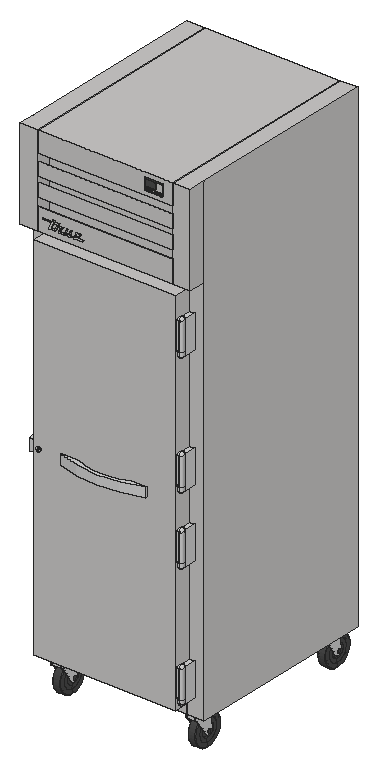
Revit family "QF_TRUE_STG1R-1S-HC", category Specialty Equipment, Revit 2012
Parameters
  Weight in Pounds = 0
  Watts = Volts * FL Amps  # 437 W
  Volts = 115 V
  URL Cutsheet = "www.truemfg.com"
  URL = "www.truemfg.com"
  Type Mark [instance] = "1"
  Type Comments = "www.truemfg.com"
  Status [instance] = ""
  Specification by User [instance] = ""
  Specification by Manufacturer = ""
  Show Seismic Flanged [instance] = no
  Show Logo [instance] = yes
  Show Legs [instance] = no
  Show Clearance [instance] = yes
  Serial Number = ""
  Seismic Rating = ""
  Seismic Plate [instance] = and(Show Seismic Flanged, not(Show Casters))  # no
  SMACNA No = ""
  Revision Code [instance] = ""
  Phase = 1
  Omniclass Number and Title = ""
  Number of Poles [instance] = 1
  NAFEM Spec ID Number = ""
  Model = "STG1R-1S-HC"
  Min Ckt Ampacity = 0 A
  Max Overcurrent Protection = 0 A
  Masterspec = ""
  Manufacturer = "TRUE FOOD SERVICE EQUIPMENT, INC."
  Length = 27 1/2"
  Legs [instance] = or(Show Legs, Show Seismic Flanged)  # no
  Item Number [instance] = ""
  Installed By [instance] = ""
  Identify Quantity as Lot [instance] = yes
  Height = 77 3/4"
  HP = "1/4"
  Furnished By [instance] = ""
  Foodservice Equipment Identifier [instance] = yes
  FL Amps = 3.8 A
  Electrical Remarks [instance] = ""
  Electric Connection Type [instance] = ""
  Elec Conn RI Height [instance] = 0"
  Elec Conn Connection Height [instance] = 0"
  Description = "REACH-IN SOLID SWING DOOR REFRIGERATORS WITH HYDROCARBON REFRIGERANT WITH LED LIGHTING"
  Depth = 33 3/4"
  Cycle = 60 Hz
  Conn Plug = "5-15P"
  Conn Conduit = yes
  Show Casters [instance] = and(not(if(Show Legs, Show Legs, Show Legs)), not(if(Show Legs, Show Legs, Show Seismic Flanged)))  # yes
  CSI MasterFormat = ""
  CSI Master Format = ""
  Apparent Power = if(Phase = 3, Volts * FL Amps * 1.73, Volts * FL Amps)  # 437 VA
Reference planes (in)
  plane 1 "BACK": y = 0
  plane 2: z = 0
  plane 3 "LEFT": x = 0
  plane 4 "RIGHT": x = 27.5
  plane 5 "FRONT": y = -33.75
  plane 6 "TOP": z = 84.125
  plane 7: z = 6.125
  plane 8: x = 2.84375
  plane 9: y = -33.7042
  plane 10: y = -35.21875
  plane 11: y = -56.78125
Forms (in)
  Extrusion 1, solid, material "QF_Finishes_Stainless Steel"
    sketch origin (0.05, 0, 0) x (1, 0, 0) y (0, 1, 0)
      loop
        line (-0.05, 0) -> (-0.05, -31) -> (2.87859, -31) -> (2.87859, 0) -> (-0.05, 0)
    from 6.125 to 84.125
  Extrusion 2, solid, material "QF_Finishes_Stainless Steel"
    sketch origin (50.15, 0, 0) x (1, 0, 0) y (0, 1, 0)
      loop
        line (-25.44375, 0) -> (-25.44375, -31) -> (-22.65, -31) -> (-22.65, 0) -> (-25.44375, 0)
    from 6.125 to 84.125
  Extrusion 3, solid, material "QF_Finishes_Stainless Steel"
    sketch origin (0, 0, 0) x (0, 1, 0) y (0, 0, 1)
      loop
        line (-33.7042, 69.5) -> (-31, 69.5) -> (-31, 6.125) -> (0, 6.125) -> (0, 84.125) -> (-33.7042, 84.125) -> (-33.7042, 80.78078) -> (-31.5, 79.21352) -> (-31.5, 78.09125) -> (-33.7042, 79.65851) -> (-33.7042, 77.5248) -> (-31.5, 75.95754) -> (-31.5, 74.99678) -> (-33.7042, 76.56404) -> (-33.7042, 74.46784) -> (-31.5, 72.90057) -> (-31.5, 71.625) -> (-33.7042, 73.19226) -> (-33.7042, 69.5)
    from 2.92859 to 24.70625
  Extrusion 4, solid, material "QF_Finishes_Stainless Steel"
    sketch origin (0, 0, 0) x (1, 0, 0) y (0, 1, 0)
      loop
        line (27.45312, -31) -> (24.70625, -31) -> (24.70625, -33.75) -> (27.45312, -33.75) -> (27.45312, -31)
    from 69.5 to 84.125
  Extrusion 5, solid, material "QF_Finishes_Stainless Steel"
    sketch origin (-50.125, 0, 0.25) x (1, 0, 0) y (0, 1, 0)
      loop
        line (53.05359, -31) -> (50.17188, -31) -> (50.17188, -33.75) -> (53.05359, -33.75) -> (53.05359, -31)
    from 69.25 to 83.875
  Extrusion 6, solid, material "QF_Finishes_Stainless Steel"
    sketch origin (-24.96875, 0, -0.71875) x (1, 0, 0) y (0, 0, 1)
      loop
        line (27.15625, 8.75) -> (50.09375, 8.75) -> (50.09375, 68.6875) -> (27.15625, 68.6875) -> (27.15625, 8.75)
    from 31 to 33.75
  Extrusion 7, solid, material "QF_Finishes_Handrails and Railings"
    sketch origin (60.73125, -0.25, 26.37269) x (1, 0, 0) y (0, 1, 0)
      loop
        line (-53.875, -33.5) -> (-53.875, -33.7)
        arc (-53.875, -33.7) -> (-47.075, -34.96876) -> (-40.275, -33.7) r 18.85688
        line (-40.275, -33.7) -> (-40.275, -33.5) -> (-42.675, -33.5)
        arc (-42.675, -33.5) -> (-47.075, -34.5273) -> (-51.475, -33.5) r 9.93637
        line (-51.475, -33.5) -> (-53.875, -33.5)
    from 10.87731 to 12.37731
  Extrusion 8, solid, material "QF_Finishes_Handrails and Railings"
    sketch origin (-23.375, 0, -2) x (1, 0, 0) y (0, 0, 1)
      loop
        circle (26.4375, 40.0625) r 0.35
      loop
        line (26.47265, 40.33635) -> (26.41715, 40.33635) -> (26.41715, 39.76895) -> (26.47265, 39.76895) -> (26.47265, 40.33635)
    from 33.5 to 33.83066
  Extrusion 9, solid, material "QF_Finishes_Handrails and Railings", visible <- "Show Logo"
    sketch origin (0.33478, 1.08173, -6.73143) x (1, 0, 0) y (0, 0, 1)
      loop
        line (3.46044, 78.46231) -> (3.35478, 78.23573) -> (4.76027, 78.23573)
        arc (4.76027, 78.23573) -> (4.78879, 78.18528) -> (4.76027, 78.13484) r 0.05887
        line (4.76027, 78.13484) -> (4.39369, 77.34872)
        arc (4.39369, 77.34872) -> (4.39051, 77.27591) -> (4.43975, 77.22217) r 0.09523
        line (4.43975, 77.22217) -> (5.33844, 77.22217)
        arc (5.33844, 77.22217) -> (5.45192, 77.25795) -> (5.52436, 77.35235) r 0.19785
        line (5.52436, 77.35235) -> (5.81285, 77.97101) -> (6.0779, 77.97101)
        arc (6.0779, 77.97101) -> (6.14744, 77.94543) -> (6.13737, 77.87203) r 0.05911
        line (6.13737, 77.87203) -> (5.89598, 77.35437)
        arc (5.89598, 77.35437) -> (5.89974, 77.2684) -> (5.97231, 77.22217) r 0.09318
        line (5.97231, 77.22217) -> (6.76198, 77.22217)
        arc (6.76198, 77.22217) -> (6.82249, 77.24419) -> (6.85468, 77.29995) r 0.09412
        arc (6.85468, 77.29995) -> (6.87746, 77.24495) -> (6.93246, 77.22217) r 0.07778
        line (6.93246, 77.22217) -> (7.43246, 77.22217)
        arc (7.43246, 77.22217) -> (7.49022, 77.23765) -> (7.53251, 77.27993) r 0.11552
        arc (7.53251, 77.27993) -> (7.55275, 77.23106) -> (7.60162, 77.21081) r 0.06912
        line (7.60162, 77.21081) -> (8.31225, 77.21081)
        arc (8.31225, 77.21081) -> (8.37034, 77.23488) -> (8.39441, 77.29297) r 0.08216
        arc (8.39441, 77.29297) -> (8.44767, 77.23972) -> (8.52042, 77.22022) r 0.14551
        line (8.52042, 77.22022) -> (9.85158, 77.22022) -> (9.99946, 77.47634) -> (8.65678, 77.47634)
        arc (8.65678, 77.47634) -> (8.61972, 77.50204) -> (8.61834, 77.54711) r 0.05009
        line (8.61834, 77.54711) -> (8.64157, 77.59692)
        arc (8.64157, 77.59692) -> (8.67723, 77.64364) -> (8.73327, 77.66135) r 0.09747
        line (8.73327, 77.66135) -> (9.16485, 77.66135)
        arc (9.16485, 77.66135) -> (9.258, 77.68631) -> (9.32619, 77.7545) r 0.1863
        line (9.32619, 77.7545) -> (9.45119, 77.97101)
        arc (9.45119, 77.97101) -> (9.45119, 78.08657) -> (9.35111, 78.14434) r 0.11556
        line (9.35111, 78.14434) -> (8.89562, 78.14434)
        arc (8.89562, 78.14434) -> (8.7795, 78.12462) -> (8.69849, 78.03912) r 0.18605
        line (8.69849, 78.03912) -> (8.48204, 77.57493)
        arc (8.48204, 77.57493) -> (8.41815, 77.49167) -> (8.31806, 77.46011) r 0.1745
        line (8.31806, 77.46011) -> (7.84559, 77.46011)
        arc (7.84559, 77.46011) -> (7.78903, 77.52184) -> (7.79268, 77.60548) r 0.10939
        line (7.79268, 77.60548) -> (8.04395, 78.14434) -> (7.88403, 78.14434) -> (7.61781, 77.57344)
        arc (7.61781, 77.57344) -> (7.56609, 77.50603) -> (7.48505, 77.48048) r 0.14128
        line (7.48505, 77.48048) -> (7.15925, 77.48048)
        arc (7.15925, 77.48048) -> (7.10419, 77.55223) -> (7.116, 77.64189) r 0.11816
        line (7.116, 77.64189) -> (7.3503, 78.14434) -> (7.18514, 78.14434) -> (6.91546, 77.566)
        arc (6.91546, 77.566) -> (6.85285, 77.50339) -> (6.76733, 77.48048) r 0.17104
        line (6.76733, 77.48048) -> (6.29555, 77.48048)
        arc (6.29555, 77.48048) -> (6.21082, 77.51999) -> (6.20267, 77.61313) r 0.0935
        line (6.20267, 77.61313) -> (6.35774, 77.94569) -> (6.57695, 77.94569)
        arc (6.57695, 77.94569) -> (6.61395, 78.05717) -> (6.69267, 78.14434) r 0.2857
        line (6.69267, 78.14434) -> (5.83605, 78.14434)
        arc (5.83605, 78.14434) -> (5.74086, 78.12324) -> (5.67498, 78.05135) r 0.16212
        line (5.67498, 78.05135) -> (5.44279, 77.55341)
        arc (5.44279, 77.55341) -> (5.3894, 77.50002) -> (5.31647, 77.48048) r 0.14586
        line (5.31647, 77.48048) -> (4.80506, 77.48048)
        arc (4.80506, 77.48048) -> (4.76514, 77.53442) -> (4.77274, 77.60109) r 0.09155
        line (4.77274, 77.60109) -> (5.11018, 78.23573) -> (5.96155, 78.23573) -> (6.06721, 78.46231) -> (5.21584, 78.46231) -> (5.32149, 78.68888) -> (5.01862, 78.68888) -> (4.91297, 78.46231) -> (3.46044, 78.46231)
      loop
        arc (8.83805, 77.93863) -> (8.80119, 77.92875) -> (8.7742, 77.90176) r 0.07373
        line (8.7742, 77.90176) -> (8.75229, 77.83436)
        arc (8.75229, 77.83436) -> (8.76245, 77.80983) -> (8.78699, 77.79966) r 0.0347
        line (8.78699, 77.79966) -> (9.15948, 77.79966)
        arc (9.15948, 77.79966) -> (9.18632, 77.80561) -> (9.20812, 77.82234) r 0.0635
        line (9.20812, 77.82234) -> (9.22624, 77.90622)
        arc (9.22624, 77.90622) -> (9.22091, 77.92868) -> (9.20009, 77.93863) r 0.02676
        line (9.20009, 77.93863) -> (8.83805, 77.93863)
    from 34.76797 to 34.83173
  Extrusion 10, solid, material "QF_Finishes_White"
    sketch origin (-23.16691, 1.06376, 1.58022) x (1, 0, 0) y (0, 0, 1)
      loop
        line (43.31732, 81.73227) -> (43.31732, 79.98496) -> (46.22357, 79.98496) -> (46.22357, 81.73227) -> (43.31732, 81.73227)
    from 34.75 to 34.76797
  Extrusion 11, solid, material "QF_Finishes_Black"
    sketch origin (-23.16691, 1.06376, 1.58022) x (1, 0, 0) y (0, 0, 1)
      loop
        line (46.28607, 81.79477) -> (43.25482, 81.79477) -> (43.25482, 79.92246) -> (46.28607, 79.92246) -> (46.28607, 81.79477)
      loop
        spline (43.45482, 80.25372) -> (43.46333, 80.23754) -> (43.48831, 80.22247) -> (43.52804, 80.20952) -> (43.57982, 80.19959) -> (43.64011, 80.19335) -> (43.70482, 80.19122) -> (43.76952, 80.19335) -> (43.82982, 80.19959) -> (43.88159, 80.20952) -> (43.92132, 80.22247) -> (43.9463, 80.23754) -> (43.95482, 80.25372)
        spline (43.95482, 80.25372) -> (43.9463, 80.26989) -> (43.92132, 80.28497) -> (43.88159, 80.29791) -> (43.82982, 80.30784) -> (43.76952, 80.31409) -> (43.70482, 80.31622) -> (43.64011, 80.31409) -> (43.57982, 80.30784) -> (43.52804, 80.29791) -> (43.48831, 80.28497) -> (43.46333, 80.26989) -> (43.45482, 80.25372)
      loop
        spline (44.15083, 80.25372) -> (44.15935, 80.23754) -> (44.18432, 80.22247) -> (44.22405, 80.20952) -> (44.27583, 80.19959) -> (44.33612, 80.19335) -> (44.40083, 80.19122) -> (44.46553, 80.19335) -> (44.52583, 80.19959) -> (44.57761, 80.20952) -> (44.61734, 80.22247) -> (44.64231, 80.23754) -> (44.65083, 80.25372)
        spline (44.65083, 80.25372) -> (44.64231, 80.26989) -> (44.61734, 80.28497) -> (44.57761, 80.29791) -> (44.52583, 80.30784) -> (44.46553, 80.31409) -> (44.40083, 80.31622) -> (44.33612, 80.31409) -> (44.27583, 80.30784) -> (44.22405, 80.29791) -> (44.18432, 80.28497) -> (44.15935, 80.26989) -> (44.15083, 80.25372)
      loop
        spline (44.90083, 80.25372) -> (44.90935, 80.23754) -> (44.93432, 80.22247) -> (44.97405, 80.20952) -> (45.02583, 80.19959) -> (45.08612, 80.19335) -> (45.15083, 80.19122) -> (45.21553, 80.19335) -> (45.27583, 80.19959) -> (45.32761, 80.20952) -> (45.36734, 80.22247) -> (45.39231, 80.23754) -> (45.40083, 80.25372)
        spline (45.40083, 80.25372) -> (45.39231, 80.26989) -> (45.36734, 80.28497) -> (45.32761, 80.29791) -> (45.27583, 80.30784) -> (45.21553, 80.31409) -> (45.15083, 80.31622) -> (45.08612, 80.31409) -> (45.02583, 80.30784) -> (44.97405, 80.29791) -> (44.93432, 80.28497) -> (44.90935, 80.26989) -> (44.90083, 80.25372)
      loop
        line (43.45481, 81.59478) -> (43.45481, 80.59478) -> (45.15433, 80.59478) -> (45.15433, 81.59478) -> (43.45481, 81.59478)
      loop
        line (46.22357, 81.73227) -> (43.31732, 81.73227) -> (43.31732, 79.98496) -> (46.22357, 79.98496) -> (46.22357, 81.73227)
      loop
        spline (45.65083, 80.25372) -> (45.65935, 80.23754) -> (45.68432, 80.22247) -> (45.72405, 80.20952) -> (45.77583, 80.19959) -> (45.83612, 80.19335) -> (45.90083, 80.19122) -> (45.96553, 80.19335) -> (46.02583, 80.19959) -> (46.07761, 80.20952) -> (46.11734, 80.22247) -> (46.14231, 80.23754) -> (46.15083, 80.25372)
        spline (46.15083, 80.25372) -> (46.14231, 80.26989) -> (46.11734, 80.28497) -> (46.07761, 80.29791) -> (46.02583, 80.30784) -> (45.96553, 80.31409) -> (45.90083, 80.31622) -> (45.83612, 80.31409) -> (45.77583, 80.30784) -> (45.72405, 80.29791) -> (45.68432, 80.28497) -> (45.65935, 80.26989) -> (45.65083, 80.25372)
    from 34.76797 to 34.80335
  Extrusion 12, solid
    sketch origin (-25.125, 0, 0) x (1, 0, 0) y (0, 0, 1)
      loop
        circle (49.375, 82) r 0.25
    from 0 to 0.0625
  Blend 13, solid, material "QF_Finishes_Handrails and Railings"
    base sketch origin (27.53125, 0, 0) x (-1, 0, 0) y (0, 0, -1)
      loop
        line (25.25, -38.99169) -> (26, -38.99169) -> (26, -37.24169) -> (25.25, -37.24169) -> (25.25, -38.99169)
    top sketch origin (27.53125, 0, 0) x (-1, 0, 0) y (0, 0, -1)
      loop
        line (26.18223, -36.6441) -> (25.25, -36.6441) -> (25.25, -39.42643) -> (26.18223, -39.42643) -> (26.18223, -36.6441)
    from 33.57883 to 31
  Extrusion 14, solid, material "QF_Finishes_Handrails and Railings"
    sketch origin (26.1875, 0, 0) x (0, 1, 0) y (0, 0, -1)
      loop
        line (-31, -64.55229) -> (-31, -59.23627) -> (-33.25, -59.23627) -> (-33.25, -59.94848) -> (-32.81497, -59.94848) -> (-32.81497, -64.34776)
        arc (-32.81497, -64.34776) -> (-32.75506, -64.49238) -> (-32.61044, -64.55229) r 0.20453
        line (-32.61044, -64.55229) -> (-31, -64.55229)
    from 0.17506 to 1
  Revolve 15, solid, material "QF_Finishes_Handrails and Railings"
    sketch origin (25.6875, 0, 0) x (0, 1, 0) y (0, 0, -1)
      loop
        line (-33.26563, -60.00189) -> (-33.67229, -60.00189) -> (-33.67229, -64.4736)
        arc (-33.67229, -64.4736) -> (-33.53722, -64.72557) -> (-33.26563, -64.81483) r 0.3848
        line (-33.26563, -64.81483) -> (-33.26563, -60.00189)
      loop
        line (-33.26563, -59.94848) -> (-33.26563, -59.04781)
        arc (-33.26563, -59.04781) -> (-33.53264, -59.13383) -> (-33.67229, -59.37712) r 0.38884
        line (-33.67229, -59.37712) -> (-33.67229, -59.94848) -> (-33.26563, -59.94848)
      axis (-33.26563, -59.04781) -> (-33.26563, -64.81483)
    angle from 0 to 360
  Extrusion 16, solid, material "QF_Finishes_Handrails and Railings"
    sketch origin (27.5, 0, 0) x (-1, 0, 0) y (0, 0, -1)
      loop
        line (1.91491, -64.4736) -> (2.3125, -64.4736) -> (2.3125, -60.00079) -> (1.91491, -60.00079) -> (1.91491, -64.4736)
    from 32.81497 to 33.59495
  Extrusion 17, solid, material "QF_Finishes_Handrails and Railings"
    sketch origin (26.1875, 0, -19.5) x (0, 1, 0) y (0, 0, -1)
      loop
        line (-31, -64.55229) -> (-31, -59.23627) -> (-33.25, -59.23627) -> (-33.25, -59.94848) -> (-32.81497, -59.94848) -> (-32.81497, -64.34776)
        arc (-32.81497, -64.34776) -> (-32.75506, -64.49238) -> (-32.61044, -64.55229) r 0.20453
        line (-32.61044, -64.55229) -> (-31, -64.55229)
    from 0.17506 to 1
  Revolve 18, solid, material "QF_Finishes_Handrails and Railings"
    sketch origin (25.6875, 0, -19.5) x (0, 1, 0) y (0, 0, -1)
      loop
        line (-33.26563, -60.00189) -> (-33.67229, -60.00189) -> (-33.67229, -64.4736)
        arc (-33.67229, -64.4736) -> (-33.53722, -64.72557) -> (-33.26563, -64.81483) r 0.3848
        line (-33.26563, -64.81483) -> (-33.26563, -60.00189)
      loop
        line (-33.26563, -59.94848) -> (-33.26563, -59.04781)
        arc (-33.26563, -59.04781) -> (-33.53264, -59.13383) -> (-33.67229, -59.37712) r 0.38884
        line (-33.67229, -59.37712) -> (-33.67229, -59.94848) -> (-33.26563, -59.94848)
      axis (-33.26563, -59.04781) -> (-33.26563, -64.81483)
    angle from 0 to 360
  Extrusion 19, solid, material "QF_Finishes_Handrails and Railings"
    sketch origin (27.5, 0, -19.5) x (-1, 0, 0) y (0, 0, -1)
      loop
        line (1.91491, -64.4736) -> (2.3125, -64.4736) -> (2.3125, -60.00079) -> (1.91491, -60.00079) -> (1.91491, -64.4736)
    from 32.81497 to 33.59495
  Extrusion 20, solid, material "QF_Finishes_Handrails and Railings"
    sketch origin (26.1875, 0, -30.5) x (0, 1, 0) y (0, 0, -1)
      loop
        line (-31, -64.55229) -> (-31, -59.23627) -> (-33.25, -59.23627) -> (-33.25, -59.94848) -> (-32.81497, -59.94848) -> (-32.81497, -64.34776)
        arc (-32.81497, -64.34776) -> (-32.75506, -64.49238) -> (-32.61044, -64.55229) r 0.20453
        line (-32.61044, -64.55229) -> (-31, -64.55229)
    from 0.17506 to 1
  Revolve 21, solid, material "QF_Finishes_Handrails and Railings"
    sketch origin (25.6875, 0, -30.5) x (0, 1, 0) y (0, 0, -1)
      loop
        line (-33.26563, -60.00189) -> (-33.67229, -60.00189) -> (-33.67229, -64.4736)
        arc (-33.67229, -64.4736) -> (-33.53722, -64.72557) -> (-33.26563, -64.81483) r 0.3848
        line (-33.26563, -64.81483) -> (-33.26563, -60.00189)
      loop
        line (-33.26563, -59.94848) -> (-33.26563, -59.04781)
        arc (-33.26563, -59.04781) -> (-33.53264, -59.13383) -> (-33.67229, -59.37712) r 0.38884
        line (-33.67229, -59.37712) -> (-33.67229, -59.94848) -> (-33.26563, -59.94848)
      axis (-33.26563, -59.04781) -> (-33.26563, -64.81483)
    angle from 0 to 360
  Extrusion 22, solid, material "QF_Finishes_Handrails and Railings"
    sketch origin (27.5, 0, -30.5) x (-1, 0, 0) y (0, 0, -1)
      loop
        line (1.91491, -64.4736) -> (2.3125, -64.4736) -> (2.3125, -60.00079) -> (1.91491, -60.00079) -> (1.91491, -64.4736)
    from 32.81497 to 33.59495
  Extrusion 23, solid, material "QF_Finishes_Handrails and Railings"
    sketch origin (26.1875, 0, -50.25) x (0, 1, 0) y (0, 0, -1)
      loop
        line (-31, -64.55229) -> (-31, -59.23627) -> (-33.25, -59.23627) -> (-33.25, -59.94848) -> (-32.81497, -59.94848) -> (-32.81497, -64.34776)
        arc (-32.81497, -64.34776) -> (-32.75506, -64.49238) -> (-32.61044, -64.55229) r 0.20453
        line (-32.61044, -64.55229) -> (-31, -64.55229)
    from 0.17506 to 1
  Revolve 24, solid, material "QF_Finishes_Handrails and Railings"
    sketch origin (25.6875, 0, -50.25) x (0, 1, 0) y (0, 0, -1)
      loop
        line (-33.26563, -60.00189) -> (-33.67229, -60.00189) -> (-33.67229, -64.4736)
        arc (-33.67229, -64.4736) -> (-33.53722, -64.72557) -> (-33.26563, -64.81483) r 0.3848
        line (-33.26563, -64.81483) -> (-33.26563, -60.00189)
      loop
        line (-33.26563, -59.94848) -> (-33.26563, -59.04781)
        arc (-33.26563, -59.04781) -> (-33.53264, -59.13383) -> (-33.67229, -59.37712) r 0.38884
        line (-33.67229, -59.37712) -> (-33.67229, -59.94848) -> (-33.26563, -59.94848)
      axis (-33.26563, -59.04781) -> (-33.26563, -64.81483)
    angle from 0 to 360
  Extrusion 25, solid, material "QF_Finishes_Handrails and Railings"
    sketch origin (27.5, 0, -50.25) x (-1, 0, 0) y (0, 0, -1)
      loop
        line (1.91491, -64.4736) -> (2.3125, -64.4736) -> (2.3125, -60.00079) -> (1.91491, -60.00079) -> (1.91491, -64.4736)
    from 32.81497 to 33.59495
  Revolve 26, solid, material "QF_Finishes_Black", visible <- "Show Casters"
    sketch origin (22.65625, -27.375, 0) x (1, 0, 0) y (0, 0, 1)
      loop
        line (1.475, 5) -> (1.375, 4.9) -> (1.375, 4.29941) -> (1.53601, 4.29941) -> (1.53601, 3.54941) -> (1.375, 3.54941) -> (1.375, 2.79941) -> (0.975, 2.79941) -> (0.975, 2.5) -> (3.025, 2.5) -> (3.025, 2.79941) -> (2.62908, 2.79941) -> (2.62908, 3.54941) -> (2.46399, 3.54941) -> (2.46399, 4.29941) -> (2.62908, 4.29941) -> (2.62908, 4.89592) -> (2.525, 5) -> (1.475, 5)
      axis (3.025, 2.5) -> (0.975, 2.5)
    angle from 0 to 360
  Extrusion 27, solid, material "QF_Finishes_Handrails and Railings", visible <- "Show Casters"
    sketch origin (22.5625, 0, 0) x (0, 1, 0) y (0, 0, 1)
      loop
        line (-29.95136, 5.48574) -> (-29.95136, 4.88089) -> (-29.70136, 4.88089) -> (-27.95216, 2.18736)
        arc (-27.95216, 2.18736) -> (-27.23883, 1.94868) -> (-26.84581, 2.59003) r 0.60416
        line (-26.84581, 2.59003) -> (-27.20136, 5.48574) -> (-29.95136, 5.48574)
      loop
        line (-3.8577, 5.48574) -> (-3.8577, 4.88089) -> (-3.6077, 4.88089) -> (-1.8585, 2.18736)
        arc (-1.8585, 2.18736) -> (-1.14517, 1.94868) -> (-0.75215, 2.59003) r 0.60416
        line (-0.75215, 2.59003) -> (-1.1077, 5.48574) -> (-3.8577, 5.48574)
    from 1.175 to 1.325
  Extrusion 28, solid, material "QF_Finishes_Handrails and Railings", visible <- "Show Casters"
    sketch origin (24.0625, 0, 0) x (0, 1, 0) y (0, 0, 1)
      loop
        line (-29.95136, 5.48574) -> (-29.95136, 4.88089) -> (-29.70136, 4.88089) -> (-27.95216, 2.18736)
        arc (-27.95216, 2.18736) -> (-27.23883, 1.94868) -> (-26.84581, 2.59003) r 0.60416
        line (-26.84581, 2.59003) -> (-27.20136, 5.48574) -> (-29.95136, 5.48574)
      loop
        line (-3.8577, 5.48574) -> (-3.8577, 4.88089) -> (-3.6077, 4.88089) -> (-1.8585, 2.18736)
        arc (-1.8585, 2.18736) -> (-1.14517, 1.94868) -> (-0.75215, 2.59003) r 0.60416
        line (-0.75215, 2.59003) -> (-1.1077, 5.48574) -> (-3.8577, 5.48574)
    from 1.175 to 1.325
  Revolve 29, solid, material "QF_Finishes_Chrome - Satin", visible <- "Show Casters"
    sketch origin (22.65625, -28.5625, -0.5) x (1, 0, 0) y (0, 0, 1)
      loop
        line (2, 5.99546) -> (2, 6.62359) -> (0.70293, 6.62359) -> (0.70293, 5.99546) -> (2, 5.99546)
      axis (2, 5.99546) -> (2, 6.62359)
    angle from 0 to 360
  Revolve 30, solid, material "QF_Finishes_Chrome - Satin", visible <- "Legs"
    sketch origin (22.65625, -2.69102, 0) x (1, 0, 0) y (0, 0, 1)
      loop
        line (2, 6.125) -> (0.66662, 6.125) -> (1.25, 1) -> (1.5, 1) -> (1.5, 0) -> (2, 0) -> (2, 6.125)
      axis (2, 0) -> (2, 6.125)
    angle from 0 to 360
  Revolve 31, solid, material "QF_Finishes_Chrome - Satin", visible <- "Legs"
    sketch origin (22.65625, -28.65977, 0) x (1, 0, 0) y (0, 0, 1)
      loop
        line (2, 6.125) -> (0.66662, 6.125) -> (1.25, 1) -> (1.5, 1) -> (1.5, 0) -> (2, 0) -> (2, 6.125)
      axis (2, 0) -> (2, 6.125)
    angle from 0 to 360
  Revolve 32, solid, material "QF_Finishes_Chrome - Satin", visible <- "Show Casters"
    sketch origin (22.65625, -2.70321, -0.5) x (1, 0, 0) y (0, 0, 1)
      loop
        line (2, 5.99546) -> (2, 6.62359) -> (0.70293, 6.62359) -> (0.70293, 5.99546) -> (2, 5.99546)
      axis (2, 5.99546) -> (2, 6.62359)
    angle from 0 to 360
  Extrusion 33, solid, material "QF_Finishes_Handrails and Railings", visible <- "Show Casters"
    sketch origin (-25.21875, 0, 0) x (0, 1, 0) y (0, 0, 1)
      loop
        line (-29.95136, 5.48574) -> (-29.95136, 4.88089) -> (-29.70136, 4.88089) -> (-27.16533, 5.19227) -> (-27.20136, 5.48574) -> (-29.95136, 5.48574)
      loop
        line (-3.8577, 5.48574) -> (-3.8577, 4.88089) -> (-3.6077, 4.88089) -> (-1.07167, 5.19227) -> (-1.1077, 5.48574) -> (-3.8577, 5.48574)
    from 49.10625 to 50.45625
  Revolve 34, solid, material "QF_Finishes_Black", visible <- "Show Casters"
    sketch origin (22.65625, -1.21875, 0) x (1, 0, 0) y (0, 0, 1)
      loop
        line (1.475, 5) -> (1.375, 4.9) -> (1.375, 4.29941) -> (1.53601, 4.29941) -> (1.53601, 3.54941) -> (1.375, 3.54941) -> (1.375, 2.79941) -> (0.975, 2.79941) -> (0.975, 2.5) -> (3.025, 2.5) -> (3.025, 2.79941) -> (2.62908, 2.79941) -> (2.62908, 3.54941) -> (2.46399, 3.54941) -> (2.46399, 4.29941) -> (2.62908, 4.29941) -> (2.62908, 4.89592) -> (2.525, 5) -> (1.475, 5)
      axis (3.025, 2.5) -> (0.975, 2.5)
    angle from 0 to 360
  Revolve 35, solid, material "QF_Finishes_Black", visible <- "Show Casters"
    sketch origin (0.84375, -27.375, 0) x (1, 0, 0) y (0, 0, 1)
      loop
        line (1.475, 5) -> (1.375, 4.9) -> (1.375, 4.29941) -> (1.53601, 4.29941) -> (1.53601, 3.54941) -> (1.375, 3.54941) -> (1.375, 2.79941) -> (0.975, 2.79941) -> (0.975, 2.5) -> (3.025, 2.5) -> (3.025, 2.79941) -> (2.62908, 2.79941) -> (2.62908, 3.54941) -> (2.46399, 3.54941) -> (2.46399, 4.29941) -> (2.62908, 4.29941) -> (2.62908, 4.89592) -> (2.525, 5) -> (1.475, 5)
      axis (3.025, 2.5) -> (0.975, 2.5)
    angle from 0 to 360
  Extrusion 36, solid, material "QF_Finishes_Handrails and Railings", visible <- "Show Casters"
    sketch origin (0.84375, 0, 0) x (0, 1, 0) y (0, 0, 1)
      loop
        line (-29.95136, 5.48574) -> (-29.95136, 4.88089) -> (-29.70136, 4.88089) -> (-27.95216, 2.18736)
        arc (-27.95216, 2.18736) -> (-27.23883, 1.94868) -> (-26.84581, 2.59003) r 0.60416
        line (-26.84581, 2.59003) -> (-27.20136, 5.48574) -> (-29.95136, 5.48574)
      loop
        line (-3.8577, 5.48574) -> (-3.8577, 4.88089) -> (-3.6077, 4.88089) -> (-1.8585, 2.18736)
        arc (-1.8585, 2.18736) -> (-1.14517, 1.94868) -> (-0.75215, 2.59003) r 0.60416
        line (-0.75215, 2.59003) -> (-1.1077, 5.48574) -> (-3.8577, 5.48574)
    from 1.175 to 1.325
  Extrusion 37, solid, material "QF_Finishes_Handrails and Railings", visible <- "Show Casters"
    sketch origin (2.34375, 0, 0) x (0, 1, 0) y (0, 0, 1)
      loop
        line (-29.95136, 5.48574) -> (-29.95136, 4.88089) -> (-29.70136, 4.88089) -> (-27.95216, 2.18736)
        arc (-27.95216, 2.18736) -> (-27.23883, 1.94868) -> (-26.84581, 2.59003) r 0.60416
        line (-26.84581, 2.59003) -> (-27.20136, 5.48574) -> (-29.95136, 5.48574)
      loop
        line (-3.8577, 5.48574) -> (-3.8577, 4.88089) -> (-3.6077, 4.88089) -> (-1.8585, 2.18736)
        arc (-1.8585, 2.18736) -> (-1.14517, 1.94868) -> (-0.75215, 2.59003) r 0.60416
        line (-0.75215, 2.59003) -> (-1.1077, 5.48574) -> (-3.8577, 5.48574)
    from 1.175 to 1.325
  Revolve 38, solid, material "QF_Finishes_Chrome - Satin", visible <- "Show Casters"
    sketch origin (0.84375, -28.5625, -0.5) x (1, 0, 0) y (0, 0, 1)
      loop
        line (2, 5.99546) -> (2, 6.62359) -> (0.70293, 6.62359) -> (0.70293, 5.99546) -> (2, 5.99546)
      axis (2, 5.99546) -> (2, 6.62359)
    angle from 0 to 360
  Revolve 39, solid, material "QF_Finishes_Chrome - Satin", visible <- "Legs"
    sketch origin (0.84375, -2.69102, 0) x (1, 0, 0) y (0, 0, 1)
      loop
        line (2, 6.125) -> (0.66662, 6.125) -> (1.25, 1) -> (1.5, 1) -> (1.5, 0) -> (2, 0) -> (2, 6.125)
      axis (2, 0) -> (2, 6.125)
    angle from 0 to 360
  Revolve 40, solid, material "QF_Finishes_Chrome - Satin", visible <- "Legs"
    sketch origin (0.84375, -28.65977, 0) x (1, 0, 0) y (0, 0, 1)
      loop
        line (2, 6.125) -> (0.66662, 6.125) -> (1.25, 1) -> (1.5, 1) -> (1.5, 0) -> (2, 0) -> (2, 6.125)
      axis (2, 0) -> (2, 6.125)
    angle from 0 to 360
  Revolve 41, solid, material "QF_Finishes_Chrome - Satin", visible <- "Show Casters"
    sketch origin (0.84375, -2.70321, -0.5) x (1, 0, 0) y (0, 0, 1)
      loop
        line (2, 5.99546) -> (2, 6.62359) -> (0.70293, 6.62359) -> (0.70293, 5.99546) -> (2, 5.99546)
      axis (2, 5.99546) -> (2, 6.62359)
    angle from 0 to 360
  Extrusion 42, solid, material "QF_Finishes_Handrails and Railings", visible <- "Show Casters"
    sketch origin (-46.9375, 0, 0) x (0, 1, 0) y (0, 0, 1)
      loop
        line (-29.95136, 5.48574) -> (-29.95136, 4.88089) -> (-29.70136, 4.88089) -> (-27.16533, 5.19227) -> (-27.20136, 5.48574) -> (-29.95136, 5.48574)
      loop
        line (-3.8577, 5.48574) -> (-3.8577, 4.88089) -> (-3.6077, 4.88089) -> (-1.07167, 5.19227) -> (-1.1077, 5.48574) -> (-3.8577, 5.48574)
    from 49.10625 to 50.45625
  Revolve 43, solid, material "QF_Finishes_Black", visible <- "Show Casters"
    sketch origin (0.84375, -1.21875, 0) x (1, 0, 0) y (0, 0, 1)
      loop
        line (1.475, 5) -> (1.375, 4.9) -> (1.375, 4.29941) -> (1.53601, 4.29941) -> (1.53601, 3.54941) -> (1.375, 3.54941) -> (1.375, 2.79941) -> (0.975, 2.79941) -> (0.975, 2.5) -> (3.025, 2.5) -> (3.025, 2.79941) -> (2.62908, 2.79941) -> (2.62908, 3.54941) -> (2.46399, 3.54941) -> (2.46399, 4.29941) -> (2.62908, 4.29941) -> (2.62908, 4.89592) -> (2.525, 5) -> (1.475, 5)
      axis (3.025, 2.5) -> (0.975, 2.5)
    angle from 0 to 360
  Extrusion 44, solid, material "QF_Door-Drawer Clearances", visible <- "Show Clearance", detail levels coarse
    sketch origin (26.30341, -3.6098, 0) x (1, 0, 0) y (0, 1, 0)
      loop
        line (-1.17841, -30.1402) -> (-24.14716, -30.1402)
        arc (-24.14716, -30.1402) -> (-17.41753, -46.39767) -> (-1.17841, -53.17145) r 23.05198
        line (-1.17841, -53.17145) -> (-1.17841, -30.1402)
    from 8.03125 to 67.96875
  Extrusion 45, solid, material "QF_Finishes_Chrome - Satin", visible <- "Seismic Plate"
    sketch origin (21.49334, -26.96562, 0) x (1, 0, 0) y (0, 1, 0)
      loop
        circle (3.16291, -1.69416) r 1.5
    from 0 to 0.25
  Extrusion 46, solid, material "QF_Finishes_Chrome - Satin", visible <- "Seismic Plate"
    sketch origin (-0.22541, -26.96562, 0) x (1, 0, 0) y (0, 1, 0)
      loop
        circle (3.06916, -1.69416) r 1.5
    from 0 to 0.25
  Extrusion 47, solid, material "QF_Finishes_Chrome - Satin", visible <- "Seismic Plate"
    sketch origin (21.49334, -0.99687, 0) x (1, 0, 0) y (0, 1, 0)
      loop
        circle (3.16291, -1.69416) r 1.5
    from 0 to 0.25
  Extrusion 48, solid, material "QF_Finishes_Chrome - Satin", visible <- "Seismic Plate"
    sketch origin (-0.22541, -0.99687, 0) x (1, 0, 0) y (0, 1, 0)
      loop
        circle (3.06916, -1.69416) r 1.5
    from 0 to 0.25
Cuts and joins
  joined: Extrusion 1, Extrusion 2, Extrusion 4, Extrusion 5
Lines and regions (in)
  symbolic lines
    curve 1: line (0, 0, 0) -> (27.5, 0, 0)
    curve 2: line (0, -33.75, 0) -> (0, 0, 0)
    curve 3: line (27.5, -33.75, 0) -> (0, -33.75, 0)
    curve 4: line (27.5, 0, 0) -> (27.5, -33.75, 0)
    curve 5: line (27.5, -31.5, 0) -> (0, -31.5, 0)
    curve 22: arc (18.05625, -33.75, 0) -> (13.65625, -34.7773, 0) -> (9.25625, -33.75, 0) r 9.93637
    curve 23: arc (6.88246, -33.96011, 0) -> (13.68435, -35.21874, 0) -> (20.48246, -33.93984, 0) r 18.85688
    curve 24: line (6.88246, -33.75, 0) -> (6.88246, -33.96011, 0)
    curve 25: line (20.48246, -33.93984, 0) -> (20.48246, -33.75, 0)
  symbolic lines, style "SpecialityEquipmentHiddenLines", visible <- "Show Casters"
    curve 6: line (3.82597, -24.4208, 0) -> (5.12501, -25.1708, 0)
    curve 7: line (1.20097, -28.96743, 0) -> (3.82597, -24.4208, 0)
    curve 8: line (2.50001, -29.71743, 0) -> (1.20097, -28.96743, 0)
    curve 9: line (5.12501, -25.1708, 0) -> (2.50001, -29.71743, 0)
    curve 10: line (3.82597, -0.4208, 0) -> (5.12501, -1.1708, 0)
    curve 11: line (1.20097, -4.96743, 0) -> (3.82597, -0.4208, 0)
    curve 12: line (2.50001, -5.71743, 0) -> (1.20097, -4.96743, 0)
    curve 13: line (5.12501, -1.1708, 0) -> (2.50001, -5.71743, 0)
    curve 14: line (24.73343, -0.4208, 0) -> (26.03247, -1.1708, 0)
    curve 15: line (22.10843, -4.96743, 0) -> (24.73343, -0.4208, 0)
    curve 16: line (23.40747, -5.71743, 0) -> (22.10843, -4.96743, 0)
    curve 17: line (26.03247, -1.1708, 0) -> (23.40747, -5.71743, 0)
    curve 18: line (24.82718, -24.52487, 0) -> (26.12622, -25.27487, 0)
    curve 19: line (22.20218, -29.07151, 0) -> (24.82718, -24.52487, 0)
    curve 20: line (23.50122, -29.82151, 0) -> (22.20218, -29.07151, 0)
    curve 21: line (26.12622, -25.27487, 0) -> (23.50122, -29.82151, 0)
  symbolic lines, style "QF_Door-Drawer Clearances"
    curve 26: line (25.125, -33.75, 0) -> (5.23348, -45.23438, 0)
    curve 27: arc (5.23348, -45.23438, 0) -> (2.93889, -39.69475, 0) -> (2.15625, -33.75, 0) r 22.96875
Dimensions and locks (in)
  "Depth": plane 5 "FRONT" to plane 1 "BACK"
  plane 7 to level = 6 1/8"
  plane 6 "TOP" to level = 84 1/8"
  plane 6 "TOP" to plane 7 = 78"
  plane 6 "TOP" to cut or joined group of Extrusion 1, Extrusion 2, Extrusion 4, Extrusion 5 = 14 5/8"
  Extrusion 6 sketch curve to Extrusion 6 sketch curve = 22 15/16"
  Extrusion 6 to plane 1 "BACK" = 33 3/4"
  "Length": plane 3 "LEFT" to plane 4 "RIGHT"
  plane 4 "RIGHT" to plane 3 "LEFT" = 27 1/2"
  cut or joined group of Extrusion 1, Extrusion 2, Extrusion 4, Extrusion 5 to cut or joined group of Extrusion 1, Extrusion 2, Extrusion 4, Extrusion 5 = 27 13/32"
  Extrusion 6 to Extrusion 6 = 22 15/16"
  Extrusion 7 to Extrusion 6 = 29 7/32"
  Extrusion 6 to Extrusion 7 = 29 7/32"
  plane 1 "BACK" to plane 10 = 35 7/32"
  plane 11 to plane 5 "FRONT" = 23 1/32"
  aligned and locked: level to plane 2
Automatic sketch dimensions
  Extrusion 1 sketch curve to plane 3 "LEFT" = 0"
  plane 1 "BACK" to Extrusion 1 sketch curve = 0"
  plane 8 to Extrusion 1 sketch curve = 0.08484"
  Extrusion 1 sketch curve to plane 5 "FRONT" = 2 3/4"
  plane 1 "BACK" to Extrusion 2 sketch curve = 0"
  Extrusion 2 sketch curve to plane 4 "RIGHT" = 0"
  Extrusion 2 sketch curve to plane 4 "RIGHT" = 2.79375"
  Extrusion 2 sketch curve to plane 5 "FRONT" = 2 3/4"
  Extrusion 3 sketch curve to plane 9 = 0"  (x4)
  Extrusion 3 sketch curve to plane 6 "TOP" = 0"
  plane 9 to Extrusion 3 sketch curve = 2.2042"  (x2)
  Extrusion 3 sketch curve to Extrusion 3 sketch curve = 0"
  Extrusion 3 sketch curve to Extrusion 3 sketch curve = 1/2"
  plane 1 "BACK" to Extrusion 3 sketch curve = 0"
  Extrusion 3 sketch curve to plane 6 "TOP" = 3.34422"
  Extrusion 3 sketch curve to Extrusion 3 sketch curve = 1.12227"  (x2)
  Extrusion 3 sketch curve to Extrusion 3 sketch curve = 0.445"
  Extrusion 3 sketch curve to Extrusion 3 sketch curve = 2.13371"  (x2)
  Extrusion 3 sketch curve to Extrusion 3 sketch curve = 0.96076"  (x2)
  Extrusion 3 sketch curve to Extrusion 3 sketch curve = 2.0962"  (x2)
  Extrusion 3 sketch curve to Extrusion 3 sketch curve = 1.27557"  (x2)
  Extrusion 3 sketch curve to Extrusion 3 sketch curve = 2 1/8"
  Extrusion 3 sketch curve to plane 7 = 0"
  plane 5 "FRONT" to Extrusion 4 sketch curve = 0"
  Extrusion 4 sketch curve to plane 4 "RIGHT" = 2.79375"
  Extrusion 4 sketch curve to plane 4 "RIGHT" = 3/64"
  Extrusion 4 sketch curve to plane 5 "FRONT" = 2 3/4"
  plane 5 "FRONT" to Extrusion 5 sketch curve = 0"
  plane 3 "LEFT" to Extrusion 5 sketch curve = 3/64"
  plane 8 to Extrusion 5 sketch curve = 0.08484"
  Extrusion 5 sketch curve to plane 5 "FRONT" = 2 3/4"
  Extrusion 6 sketch curve to plane 8 = 21/32"
  plane 7 to Extrusion 6 sketch curve = 1 29/32"
  Extrusion 6 sketch curve to plane 6 "TOP" = 16 5/32"
  plane 8 to Extrusion 8 sketch curve = 0.1984"
  plane 8 to Extrusion 8 sketch curve = 7/32"
  Extrusion 8 sketch curve to Extrusion 8 sketch curve = 0.0555"
  plane 7 to Extrusion 8 sketch curve = 31.64395"
  Extrusion 8 sketch curve to Extrusion 8 sketch curve = 0.29355"
  Extrusion 8 sketch curve to Extrusion 8 sketch curve = 0.27385"
  plane 8 to Extrusion 9 sketch curve = 0.84582"
  Extrusion 9 sketch curve to Extrusion 9 sketch curve = 0.10565"  (x5)
  Extrusion 9 sketch curve to Extrusion 9 sketch curve = 1.03891"
  Extrusion 9 sketch curve to Extrusion 9 sketch curve = 0.04606"
  Extrusion 9 sketch curve to Extrusion 9 sketch curve = 0.04025"
  Extrusion 9 sketch curve to Extrusion 9 sketch curve = 0.33624"
  Extrusion 9 sketch curve to Extrusion 9 sketch curve = 0.03034"  (x2)
  Extrusion 9 sketch curve to Extrusion 9 sketch curve = 0.29274"
  Extrusion 9 sketch curve to Extrusion 9 sketch curve = 0.03232"
  Extrusion 9 sketch curve to Extrusion 9 sketch curve = 0.08083"
  Extrusion 9 sketch curve to Extrusion 9 sketch curve = 0.1527"
  Extrusion 9 sketch curve to Extrusion 9 sketch curve = 0.19721"
  Extrusion 9 sketch curve to Extrusion 9 sketch curve = 0.4629"
  Extrusion 9 sketch curve to Extrusion 9 sketch curve = 0.02197"
  Extrusion 9 sketch curve to Extrusion 9 sketch curve = 0.12632"
  Extrusion 9 sketch curve to Extrusion 9 sketch curve = 0.18591"
  Extrusion 9 sketch curve to Extrusion 9 sketch curve = 0.2322"
  Extrusion 9 sketch curve to Extrusion 9 sketch curve = 0.13786"
  Extrusion 9 sketch curve to Extrusion 9 sketch curve = 0.00907"
  Extrusion 9 sketch curve to Extrusion 9 sketch curve = 0.01413"
  Extrusion 9 sketch curve to Extrusion 9 sketch curve = 0.37162"
  Extrusion 9 sketch curve to Extrusion 9 sketch curve = 0.12551"
  Extrusion 9 sketch curve to Extrusion 9 sketch curve = 0.07633"
  Extrusion 9 sketch curve to Extrusion 9 sketch curve = 0.08445"
  Extrusion 9 sketch curve to Extrusion 9 sketch curve = 0.25598"
  Extrusion 9 sketch curve to Extrusion 9 sketch curve = 0.01887"
  Extrusion 9 sketch curve to Extrusion 9 sketch curve = 0.04061"
  Extrusion 9 sketch curve to Extrusion 9 sketch curve = 0.0653"
  Extrusion 9 sketch curve to Extrusion 9 sketch curve = 0.08474"
  Extrusion 9 sketch curve to Extrusion 9 sketch curve = 0.00815"
  Extrusion 9 sketch curve to Extrusion 9 sketch curve = 0.22037"
  Extrusion 9 sketch curve to Extrusion 9 sketch curve = 0.21921"
  Extrusion 9 sketch curve to Extrusion 9 sketch curve = 0.11572"
  Extrusion 9 sketch curve to Extrusion 9 sketch curve = 0.46643"
  Extrusion 9 sketch curve to Extrusion 9 sketch curve = 0.00535"
  Extrusion 9 sketch curve to Extrusion 9 sketch curve = 0.09269"
  Extrusion 9 sketch curve to Extrusion 9 sketch curve = 0.09348"
  Extrusion 9 sketch curve to Extrusion 9 sketch curve = 0.14812"
  Extrusion 9 sketch curve to Extrusion 9 sketch curve = 0.07778"  (x3)
  Extrusion 9 sketch curve to Extrusion 9 sketch curve = 0.20054"
  Extrusion 9 sketch curve to Extrusion 9 sketch curve = 0.04325"
  Extrusion 9 sketch curve to Extrusion 9 sketch curve = 0.32433"
  Extrusion 9 sketch curve to Extrusion 9 sketch curve = 0.10233"  (x2)
  Extrusion 9 sketch curve to Extrusion 9 sketch curve = 0.16515"
  Extrusion 9 sketch curve to Extrusion 9 sketch curve = 0.27321"
  Extrusion 9 sketch curve to Extrusion 9 sketch curve = 0.0526"
  Extrusion 9 sketch curve to Extrusion 9 sketch curve = 0.10005"
  Extrusion 9 sketch curve to Extrusion 9 sketch curve = 0.06912"
  Extrusion 9 sketch curve to Extrusion 9 sketch curve = 0.13276"
  Extrusion 9 sketch curve to Extrusion 9 sketch curve = 0.17486"
  Extrusion 9 sketch curve to Extrusion 9 sketch curve = 0.05291"
  Extrusion 9 sketch curve to Extrusion 9 sketch curve = 0.53374"
  Extrusion 9 sketch curve to Extrusion 9 sketch curve = 0.09914"  (x2)
  Extrusion 9 sketch curve to Extrusion 9 sketch curve = 0.15992"
  Extrusion 9 sketch curve to Extrusion 9 sketch curve = 0.46666"
  Extrusion 9 sketch curve to Extrusion 9 sketch curve = 0.00582"
  Extrusion 9 sketch curve to Extrusion 9 sketch curve = 0.08216"
  Extrusion 9 sketch curve to Extrusion 9 sketch curve = 0.16397"
  Extrusion 9 sketch curve to Extrusion 9 sketch curve = 0.12601"
  Extrusion 9 sketch curve to Extrusion 9 sketch curve = 0.1363"
  Extrusion 9 sketch curve to Extrusion 9 sketch curve = 0.02323"
  Extrusion 9 sketch curve to Extrusion 9 sketch curve = 0.03844"
  Extrusion 9 sketch curve to Extrusion 9 sketch curve = 0.0454"
  Extrusion 9 sketch curve to Extrusion 9 sketch curve = 0.05693"
  Extrusion 9 sketch curve to Extrusion 9 sketch curve = 0.0917"
  Extrusion 9 sketch curve to Extrusion 9 sketch curve = 0.01902"
  Extrusion 9 sketch curve to Extrusion 9 sketch curve = 0.02191"
  Extrusion 9 sketch curve to Extrusion 9 sketch curve = 0.0347"
  Extrusion 9 sketch curve to Extrusion 9 sketch curve = 0.06385"
  Extrusion 9 sketch curve to Extrusion 9 sketch curve = 0.02906"
  Extrusion 9 sketch curve to Extrusion 9 sketch curve = 0.02851"
  Extrusion 9 sketch curve to Extrusion 9 sketch curve = 0.29237"
  Extrusion 9 sketch curve to Extrusion 9 sketch curve = 0.00537"
  Extrusion 9 sketch curve to Extrusion 9 sketch curve = 0.0406"
  Extrusion 9 sketch curve to Extrusion 9 sketch curve = 0.04327"
  Extrusion 9 sketch curve to Extrusion 9 sketch curve = 0.02615"
  Extrusion 9 sketch curve to Extrusion 9 sketch curve = 0.11806"
  Extrusion 9 sketch curve to Extrusion 9 sketch curve = 0.15103"
  Extrusion 9 sketch curve to Extrusion 9 sketch curve = 0.10007"
  Extrusion 9 sketch curve to Extrusion 9 sketch curve = 0.5254"
  Extrusion 9 sketch curve to Extrusion 9 sketch curve = 0.14787"
  Extrusion 9 sketch curve to plane 6 "TOP" = 13.64562"
  Extrusion 9 sketch curve to Extrusion 9 sketch curve = 0.07275"
  Extrusion 9 sketch curve to Extrusion 9 sketch curve = 0.05776"
  Extrusion 9 sketch curve to Extrusion 9 sketch curve = 0.08631"
  Extrusion 9 sketch curve to Extrusion 9 sketch curve = 0.09282"
  Extrusion 9 sketch curve to Extrusion 9 sketch curve = 0.13018"
  Extrusion 9 sketch curve to Extrusion 9 sketch curve = 0.16714"
  Extrusion 9 sketch curve to Extrusion 9 sketch curve = 0.11061"
  Extrusion 9 sketch curve to Extrusion 9 sketch curve = 0.06046"
  Extrusion 9 sketch curve to Extrusion 9 sketch curve = 0.16548"
  Extrusion 9 sketch curve to Extrusion 9 sketch curve = 0.14279"
  Extrusion 9 sketch curve to Extrusion 9 sketch curve = 0.0496"
  Extrusion 9 sketch curve to Extrusion 9 sketch curve = 0.07293"
  Extrusion 9 sketch curve to Extrusion 9 sketch curve = 0.07764"
  Extrusion 9 sketch curve to Extrusion 9 sketch curve = 0.03794"
  Extrusion 9 sketch curve to Extrusion 9 sketch curve = 0.08552"
  Extrusion 9 sketch curve to Extrusion 9 sketch curve = 0.09296"
  Extrusion 9 sketch curve to Extrusion 9 sketch curve = 0.09314"
  Extrusion 9 sketch curve to Extrusion 9 sketch curve = 0.02781"
  Extrusion 9 sketch curve to Extrusion 9 sketch curve = 0.04981"
  Extrusion 9 sketch curve to Extrusion 9 sketch curve = 0.09315"
  Extrusion 9 sketch curve to Extrusion 9 sketch curve = 0.04799"
  Extrusion 9 sketch curve to Extrusion 9 sketch curve = 0.02531"
  Extrusion 9 sketch curve to Extrusion 9 sketch curve = 0.03054"
  Extrusion 9 sketch curve to Extrusion 9 sketch curve = 0.2589"
  Extrusion 9 sketch curve to Extrusion 9 sketch curve = 0.0674"
  Extrusion 9 sketch curve to Extrusion 9 sketch curve = 0.0324"
  Extrusion 9 sketch curve to Extrusion 9 sketch curve = 0.26185"
  Extrusion 9 sketch curve to Extrusion 9 sketch curve = 11/256"
  Extrusion 9 sketch curve to Extrusion 9 sketch curve = 0.07366"
  Extrusion 9 sketch curve to Extrusion 9 sketch curve = 0.02187"
  Extrusion 9 sketch curve to Extrusion 9 sketch curve = 0.06479"
  Extrusion 9 sketch curve to Extrusion 9 sketch curve = 0.01183"
  Extrusion 9 sketch curve to Extrusion 9 sketch curve = 0.05778"
  Extrusion 9 sketch curve to Extrusion 9 sketch curve = 0.53375"
  Extrusion 9 sketch curve to Extrusion 9 sketch curve = 0.23098"
  Extrusion 9 sketch curve to Extrusion 9 sketch curve = 0"
  Extrusion 9 sketch curve to Extrusion 9 sketch curve = 0.05045"
  Extrusion 9 sketch curve to Extrusion 9 sketch curve = 0.09139"
  Extrusion 9 sketch curve to Extrusion 9 sketch curve = 29/128"  (x3)
  Extrusion 10 sketch curve to plane 6 "TOP" = 2.55982"
  Extrusion 10 sketch curve to plane 4 "RIGHT" = 7.3496"
  Extrusion 10 sketch curve to Extrusion 10 sketch curve = 2 29/32"
  Extrusion 10 sketch curve to plane 6 "TOP" = 13/16"
  Extrusion 11 sketch curve to plane 6 "TOP" = 3/4"
  Extrusion 11 sketch curve to plane 4 "RIGHT" = 7.4121"
  Extrusion 11 sketch curve to Extrusion 11 sketch curve = 1/16"  (x4)
  Extrusion 11 sketch curve to Extrusion 11 sketch curve = 0.1375"  (x2)
  Extrusion 11 sketch curve to Extrusion 11 sketch curve = 1/4"  (x4)
  Extrusion 11 sketch curve to Extrusion 11 sketch curve = 0.44601"
  Extrusion 11 sketch curve to Extrusion 11 sketch curve = 1/2"  (x2)
  Extrusion 11 sketch curve to Extrusion 11 sketch curve = 0.0035"
  Extrusion 11 sketch curve to Extrusion 11 sketch curve = 1.06923"
  Extrusion 11 sketch curve to plane 6 "TOP" = 0.95"
  Extrusion 11 sketch curve to Extrusion 11 sketch curve = 1"
  Extrusion 11 sketch curve to Extrusion 11 sketch curve = 0.34106"  (x3)
  Extrusion 11 sketch curve to Extrusion 11 sketch curve = 0"
  Extrusion 11 sketch curve to Extrusion 11 sketch curve = 0.26876"
  Extrusion 12 sketch curve to plane 4 "RIGHT" = 3 1/4"
  Extrusion 12 sketch curve to plane 6 "TOP" = 2 1/8"
  Blend 13 sketch curve to plane 8 = 9/16"
  Blend 13 sketch curve to Blend 13 sketch curve = 3/4"
  plane 7 to Blend 13 sketch curve = 32.86669"
  Blend 13 sketch curve to Blend 13 sketch curve = 1 3/4"
  plane 8 to Blend 13 sketch curve = 9/16"
  Blend 13 sketch curve to Blend 13 sketch curve = 0.93223"
  Blend 13 sketch curve to plane 7 = 30.5191"
  Blend 13 sketch curve to Blend 13 sketch curve = 2.78233"
  Extrusion 14 sketch curve to plane 5 "FRONT" = 1/2"
  Extrusion 14 sketch curve to Extrusion 14 sketch curve = 0.43503"
  Extrusion 14 sketch curve to Extrusion 14 sketch curve = 0.20453"
  Extrusion 14 sketch curve to Extrusion 14 sketch curve = 1.61044"
  Extrusion 14 sketch curve to plane 6 "TOP" = 19.57271"
  Extrusion 14 sketch curve to Extrusion 14 sketch curve = 4.39928"
  Extrusion 14 sketch curve to Extrusion 14 sketch curve = 0.71221"
  Revolve 15 sketch curve to plane 5 "FRONT" = 0.07771"  (x2)
  Revolve 15 sketch curve to Revolve 15 sketch curve = 0.38242"
  Revolve 15 sketch curve to Revolve 15 sketch curve = 0.38436"
  Revolve 15 sketch curve to plane 5 "FRONT" = 31/64"
  Revolve 15 sketch curve to Revolve 15 sketch curve = 0.40666"
  Revolve 15 sketch curve to Revolve 15 sketch curve = 0"
  Revolve 15 sketch curve to plane 6 "TOP" = 18.75492"
  Revolve 15 sketch curve to Revolve 15 sketch curve = 0.55526"
  Revolve 15 sketch curve to Revolve 15 sketch curve = 0.19474"
  Revolve 15 sketch curve to Revolve 15 sketch curve = 0.14649"
  Revolve 15 sketch curve to Revolve 15 sketch curve = 4.42889"
  Revolve 15 sketch curve to Revolve 15 sketch curve = 0.05342"
  Revolve 15 sketch curve to Revolve 15 sketch curve = 0.51246"
  Revolve 15 sketch curve to Revolve 15 sketch curve = 0.05889"
  Extrusion 16 sketch curve to plane 4 "RIGHT" = 1.91491"
  Extrusion 16 sketch curve to Extrusion 16 sketch curve = 0.39759"
  Extrusion 16 sketch curve to plane 6 "TOP" = 19.6514"
  Extrusion 16 sketch curve to Extrusion 16 sketch curve = 4.47281"
  Extrusion 17 sketch curve to plane 5 "FRONT" = 1/2"
  Extrusion 17 sketch curve to Extrusion 17 sketch curve = 0.43503"
  Extrusion 17 sketch curve to Extrusion 17 sketch curve = 0.20453"
  Extrusion 17 sketch curve to Extrusion 17 sketch curve = 1.61044"
  plane 7 to Extrusion 17 sketch curve = 38.92729"
  Extrusion 17 sketch curve to Extrusion 17 sketch curve = 4.39928"
  Extrusion 17 sketch curve to Extrusion 17 sketch curve = 0.71221"
  Revolve 18 sketch curve to plane 5 "FRONT" = 0.07771"  (x2)
  Revolve 18 sketch curve to Revolve 18 sketch curve = 0.38242"
  Revolve 18 sketch curve to Revolve 18 sketch curve = 0.38436"
  Revolve 18 sketch curve to plane 5 "FRONT" = 31/64"
  Revolve 18 sketch curve to Revolve 18 sketch curve = 0.40666"
  Revolve 18 sketch curve to Revolve 18 sketch curve = 0"
  Revolve 18 sketch curve to plane 6 "TOP" = 38.25492"
  Revolve 18 sketch curve to Revolve 18 sketch curve = 0.55526"
  Revolve 18 sketch curve to Revolve 18 sketch curve = 0.19474"
  Revolve 18 sketch curve to Revolve 18 sketch curve = 0.14649"
  Revolve 18 sketch curve to Revolve 18 sketch curve = 4.42889"
  Revolve 18 sketch curve to Revolve 18 sketch curve = 0.05342"
  Revolve 18 sketch curve to Revolve 18 sketch curve = 0.51246"
  Revolve 18 sketch curve to Revolve 18 sketch curve = 0.05889"
  Extrusion 19 sketch curve to plane 4 "RIGHT" = 1.91491"
  Extrusion 19 sketch curve to Extrusion 19 sketch curve = 0.39759"
  plane 7 to Extrusion 19 sketch curve = 38.8486"
  Extrusion 19 sketch curve to Extrusion 19 sketch curve = 4.47281"
  Extrusion 20 sketch curve to plane 5 "FRONT" = 1/2"
  Extrusion 20 sketch curve to Extrusion 20 sketch curve = 0.43503"
  Extrusion 20 sketch curve to Extrusion 20 sketch curve = 0.20453"
  Extrusion 20 sketch curve to Extrusion 20 sketch curve = 1.61044"
  plane 7 to Extrusion 20 sketch curve = 27.92729"
  Extrusion 20 sketch curve to Extrusion 20 sketch curve = 4.39928"
  Extrusion 20 sketch curve to Extrusion 20 sketch curve = 0.71221"
  Revolve 21 sketch curve to plane 5 "FRONT" = 0.07771"  (x2)
  Revolve 21 sketch curve to Revolve 21 sketch curve = 0.38242"
  Revolve 21 sketch curve to Revolve 21 sketch curve = 0.38436"
  Revolve 21 sketch curve to plane 5 "FRONT" = 31/64"
  Revolve 21 sketch curve to Revolve 21 sketch curve = 0.40666"
  Revolve 21 sketch curve to Revolve 21 sketch curve = 0"
  plane 7 to Revolve 21 sketch curve = 28.74508"
  Revolve 21 sketch curve to Revolve 21 sketch curve = 0.55526"
  Revolve 21 sketch curve to Revolve 21 sketch curve = 0.19474"
  Revolve 21 sketch curve to Revolve 21 sketch curve = 0.14649"
  Revolve 21 sketch curve to Revolve 21 sketch curve = 4.42889"
  Revolve 21 sketch curve to Revolve 21 sketch curve = 0.05342"
  Revolve 21 sketch curve to Revolve 21 sketch curve = 0.51246"
  Revolve 21 sketch curve to Revolve 21 sketch curve = 0.05889"
  Extrusion 22 sketch curve to plane 4 "RIGHT" = 1.91491"
  Extrusion 22 sketch curve to Extrusion 22 sketch curve = 0.39759"
  plane 7 to Extrusion 22 sketch curve = 27.8486"
  Extrusion 22 sketch curve to Extrusion 22 sketch curve = 4.47281"
  Extrusion 23 sketch curve to plane 5 "FRONT" = 1/2"
  Extrusion 23 sketch curve to Extrusion 23 sketch curve = 0.43503"
  Extrusion 23 sketch curve to Extrusion 23 sketch curve = 0.20453"
  Extrusion 23 sketch curve to Extrusion 23 sketch curve = 1.61044"
  plane 7 to Extrusion 23 sketch curve = 8.17729"
  plane 7 to Extrusion 23 sketch curve = 3.57348"
  Extrusion 23 sketch curve to Extrusion 23 sketch curve = 0.71221"
  Revolve 24 sketch curve to plane 5 "FRONT" = 0.07771"  (x2)
  Revolve 24 sketch curve to Revolve 24 sketch curve = 0.38242"
  Revolve 24 sketch curve to Revolve 24 sketch curve = 0.38436"
  Revolve 24 sketch curve to plane 5 "FRONT" = 31/64"
  Revolve 24 sketch curve to Revolve 24 sketch curve = 0.40666"
  Revolve 24 sketch curve to Revolve 24 sketch curve = 0"
  plane 7 to Revolve 24 sketch curve = 8.99508"
  Revolve 24 sketch curve to Revolve 24 sketch curve = 0.55526"
  Revolve 24 sketch curve to Revolve 24 sketch curve = 0.19474"
  Revolve 24 sketch curve to Revolve 24 sketch curve = 0.14649"
  plane 7 to Revolve 24 sketch curve = 3.62689"
  Revolve 24 sketch curve to Revolve 24 sketch curve = 0.05342"
  Revolve 24 sketch curve to Revolve 24 sketch curve = 0.51246"
  Revolve 24 sketch curve to Revolve 24 sketch curve = 0.05889"
  Extrusion 25 sketch curve to plane 4 "RIGHT" = 1.91491"
  Extrusion 25 sketch curve to Extrusion 25 sketch curve = 0.39759"
  plane 7 to Extrusion 25 sketch curve = 8.0986"
  plane 7 to Extrusion 25 sketch curve = 3.62579"
  Revolve 26 sketch curve to plane 4 "RIGHT" = 4.35148"
  Revolve 26 sketch curve to Revolve 26 sketch curve = 0.48273"
  Revolve 26 sketch curve to Revolve 26 sketch curve = 0.4"
  Revolve 26 sketch curve to Revolve 26 sketch curve = 0"  (x2)
  Revolve 26 sketch curve to Revolve 26 sketch curve = 0.1"  (x2)
  Revolve 26 sketch curve to Revolve 26 sketch curve = 0.16101"
  Revolve 26 sketch curve to Revolve 26 sketch curve = 0.75408"
  Revolve 26 sketch curve to Revolve 26 sketch curve = 0.92798"
  Revolve 26 sketch curve to Revolve 26 sketch curve = 0.06101"
  Revolve 26 sketch curve to Revolve 26 sketch curve = 1/2"
  Revolve 26 sketch curve to Revolve 26 sketch curve = 0.16509"
  Revolve 26 sketch curve to Revolve 26 sketch curve = 0.39592"
  level to Revolve 26 sketch curve = 2 1/2"
  Revolve 26 sketch curve to Revolve 26 sketch curve = 0.29941"  (x2)
  Revolve 26 sketch curve to Revolve 26 sketch curve = 3/4"  (x4)
  Revolve 26 sketch curve to Revolve 26 sketch curve = 0.59652"
  Revolve 26 sketch curve to Revolve 26 sketch curve = 0.60059"
  Extrusion 27 sketch curve to plane 7 = 0.63926"  (x2)
  Extrusion 27 sketch curve to plane 5 "FRONT" = 3.79864"
  Extrusion 27 sketch curve to Extrusion 27 sketch curve = 1/4"  (x2)
  level to Extrusion 27 sketch curve = 2.18736"  (x2)
  Extrusion 27 sketch curve to Extrusion 27 sketch curve = 1.7492"
  Extrusion 27 sketch curve to Extrusion 27 sketch curve = 0.50669"  (x2)
  Extrusion 27 sketch curve to Extrusion 27 sketch curve = 2 1/2"
  level to Extrusion 27 sketch curve = 2.59003"
  Extrusion 27 sketch curve to Extrusion 27 sketch curve = 0.59966"  (x2)
  plane 1 "BACK" to Extrusion 27 sketch curve = 3.8577"
  plane 1 "BACK" to Extrusion 27 sketch curve = 1.8585"
  plane 1 "BACK" to Extrusion 27 sketch curve = 1.1077"
  Extrusion 27 sketch curve to Extrusion 27 sketch curve = 0.32905"
  Extrusion 27 sketch curve to Extrusion 27 sketch curve = 0.60485"  (x2)
  Extrusion 28 sketch curve to plane 7 = 0.63926"  (x2)
  Extrusion 28 sketch curve to plane 5 "FRONT" = 3.79864"
  Extrusion 28 sketch curve to Extrusion 28 sketch curve = 1/4"  (x2)
  level to Extrusion 28 sketch curve = 2.18736"  (x2)
  Extrusion 28 sketch curve to Extrusion 28 sketch curve = 1.7492"
  Extrusion 28 sketch curve to Extrusion 28 sketch curve = 0.50669"  (x2)
  Extrusion 28 sketch curve to Extrusion 28 sketch curve = 2 1/2"
  level to Extrusion 28 sketch curve = 2.59003"
  Extrusion 28 sketch curve to Extrusion 28 sketch curve = 0.59966"  (x2)
  plane 1 "BACK" to Extrusion 28 sketch curve = 3.8577"
  plane 1 "BACK" to Extrusion 28 sketch curve = 1.8585"
  plane 1 "BACK" to Extrusion 28 sketch curve = 1.1077"
  Extrusion 28 sketch curve to Extrusion 28 sketch curve = 0.32905"
  Extrusion 28 sketch curve to Extrusion 28 sketch curve = 0.60485"  (x2)
  Revolve 29 sketch curve to plane 7 = 0.62954"
  Revolve 29 sketch curve to plane 4 "RIGHT" = 4.14082"
  Revolve 29 sketch curve to Revolve 29 sketch curve = 1.29707"
  Revolve 29 sketch curve to Revolve 29 sketch curve = 0"
  Revolve 29 sketch curve to Revolve 29 sketch curve = 0.10278"
  Revolve 29 sketch curve to plane 7 = 0.00141"
  plane 7 to Revolve 29 sketch curve = 0.26768"
  Revolve 30 sketch curve to level = 0"
  Revolve 30 sketch curve to plane 7 = 0"
  Revolve 30 sketch curve to plane 4 "RIGHT" = 4.17713"
  level to Revolve 30 sketch curve = 1"
  Revolve 30 sketch curve to plane 4 "RIGHT" = 3 19/32"
  Revolve 30 sketch curve to Revolve 30 sketch curve = 1/4"
  Revolve 30 sketch curve to Revolve 30 sketch curve = 1/2"
  Revolve 30 sketch curve to Revolve 30 sketch curve = 0"
  Revolve 30 sketch curve to Revolve 30 sketch curve = 5/8"
  plane 7 to Revolve 30 sketch curve = 1 25/32"
  Revolve 31 sketch curve to level = 0"
  Revolve 31 sketch curve to plane 7 = 0"
